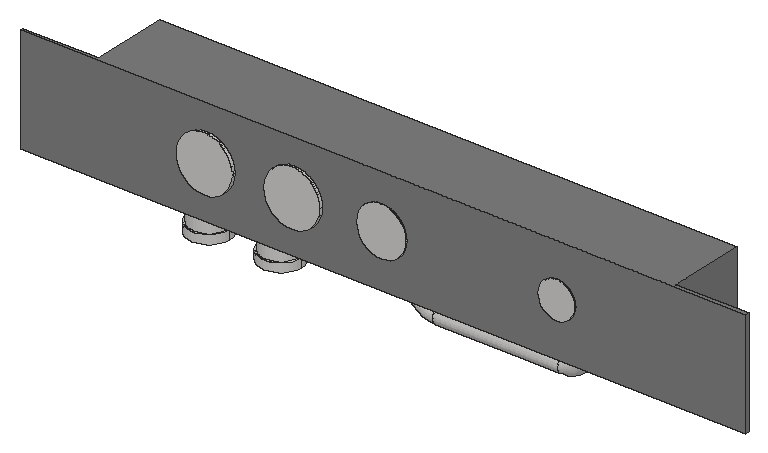
Revit family "5400FV", category Generic Models, Revit 2021
Family settings
  Can host rebar = No
  Round Connector Dimension = Use Diameter
  Part Type = Normal
  Work Plane-Based = No
  Always vertical = Yes
  Cut with Voids When Loaded = No
  Shared = No
  Room Calculation Point = No
Parameters
  e-mail = "info@vola.com"
  URL = "http://vola.com"
  Telephone = "+45 7023 5500"
  Quality management standard = "ISO 9001"
  Organisation no. / DUNS no. = "17531328"
  Occupational health and safety management standard = "ISO 18001"
  Mounting Instructions = "http://vola.com/service/producturl.ashx?name=5400FV"
  Model = "5400FV"
  Materials and components information = "http://vola.com/service/producturl.ashx?name=5400FV"
  Manufacturer = "VOLA A/S"
  Maintenance Instructions = "http://vola.com/service/producturl.ashx?name=5400FV"
  Guarantee = "2 years"
  Flow = "43,00 l/min"
  Environmental management standard = "ISO 14000"
  Default Elevation = 0.00 mm
  Connection - All relevant connections = ""
  Approvals = "http://vola.com/service/producturl.ashx?name=5400FV"
Reference planes
  plane 1 "Center (Front/Back)": y = 0
  plane 2: z = 0
  plane 3 "Center (Left/Right)": x = 0
  plane 4 "Inlet Center Plane": y = -29
  plane 5: z = 85
Forms (mm)
  Extrusion 1, solid, material "Default"
    sketch origin (10, 0, 16) x (1, 0, 0) y (0, 1, 0)
      loop
        line (-147.5, 0) -> (-147.5, -69) -> (366.5, -69) -> (366.5, 0) -> (-147.5, 0)
    from 21.5 to 116.5
  Extrusion 2, solid, material "Default"
    sketch origin (10, -1, 16) x (1, 0, 0) y (0, 1, 0)
      loop
        line (-215, -68) -> (-215, -70.5) -> (431.5, -70.5) -> (431.5, -68) -> (-215, -68)
    from 21.5 to 116.5
  Extrusion 3, solid, material "Stainless Steel"
    sketch origin (-59, -4, 37.5) x (0, 1, 0) y (1, 0, 0)
      loop
        circle (-25, -12) r 16.5
    from 0 to 29.77
  Extrusion 4, solid, material "Stainless Steel"
    sketch origin (5, -4, 37.5) x (0, 1, 0) y (1, 0, 0)
      loop
        circle (-25, -12) r 16.5
    from 0 to 29.77
  Extrusion 5, solid, material "Stainless Steel"
    sketch origin (-51.5, -71.5, 16) x (-1, 0, 0) y (0, 0, -1)
      loop
        circle (-12.5, -69) r 24.89
    from 0 to 2.5
  Extrusion 6, solid, material "Stainless Steel"
    sketch origin (26.5, -71.5, 16) x (-1, 0, 0) y (0, 0, -1)
      loop
        circle (-12.5, -69) r 24.89
    from 0 to 2.5
  Extrusion 7, solid, material "Stainless Steel"
    sketch origin (65.5, -71.5, 16) x (-1, 0, 0) y (0, 0, -1)
      loop
        circle (-51.5, -69) r 22
    from 0 to 0.26
  Extrusion 8, solid, material "Stainless Steel"
    sketch origin (-59, -4, 7.73) x (-1, 0, 0) y (0, 1, 0)
      loop
        circle (12, -25) r 18.5
    from 0 to 7.73
  Extrusion 9, solid, material "Stainless Steel"
    sketch origin (5, -4, 7.73) x (-1, 0, 0) y (0, 1, 0)
      loop
        circle (12, -25) r 18.5
    from 0 to 7.73
  Extrusion 10, solid, material "Stainless Steel"
    sketch origin (221.5, -71.5, 16) x (-1, 0, 0) y (0, 0, -1)
      loop
        circle (-51.5, -69) r 16.5
    from 0 to 0.26
  Sweep 11, solid, material "Stainless Steel"
    path origin (92, -35.26, 1219.2) x (-1, 0, 0) y (0, 0, 1)
      loop
        line (-25, -1181.7) -> (-25, -1186.2)
        arc (-25, -1186.2) -> (-31.59, -1202.11) -> (-47.5, -1208.7) r 22.5
        line (-47.5, -1208.7) -> (-158.5, -1208.7)
        arc (-158.5, -1208.7) -> (-174.41, -1202.11) -> (-181, -1186.2) r 22.5
        line (-181, -1186.2) -> (-181, -1181.7)
    profile origin (117, -35.26, 35.25) x (0, 1, 0) y (-1, 0, 0)
      loop
        circle (0, 0) r 7.5
Cuts and joins
  joined: Extrusion 1, Extrusion 2
Lines and regions (mm)
  reference lines
    curve 1: line (117, -29, 85) -> (117, -121.5, 85)
    curve 2: line (39, -29, 85) -> (39, -121.5, 85)
    curve 3: line (-39, -29, 85) -> (-39, -121.5, 85)
    curve 4: line (-71, -29, 85) -> (-71, -29, -14)
    curve 5: line (-7, -29, 85) -> (-7, -29, -14)
    curve 6: line (273, -29, 85) -> (273, -121.5, 85)
    curve 7: line (117, -35.26, 182.5) -> (117, -35.26, 37.5)
Dimensions and locks
  aligned and locked: plane 2 to level
  aligned and locked: Extrusion 1 to Extrusion 2
  aligned and locked: Extrusion 2 to Extrusion 1
